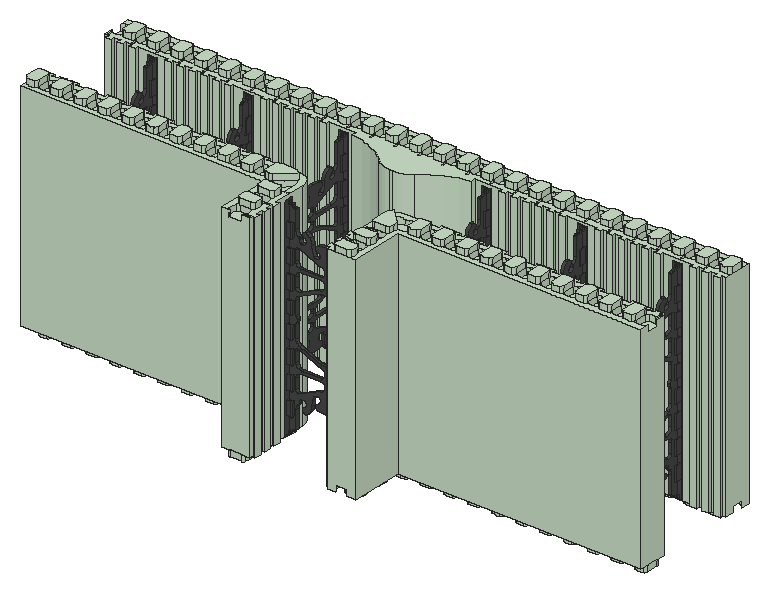
Revit family (continued)
Forms (in)
  Extrusion 96, void
    sketch origin (-9.99998, -0.00002, 0) x (0, -1, 0) y (1, 0, 0)
      loop
        arc (-5.13595, 25.17306) -> (-5.04517, 25.04783) -> (-4.89808, 24.99998) r 0.25
        line (-4.89808, 24.99998) -> (-3.97692, 24.99998)
        arc (-3.97692, 24.99998) -> (-3.82983, 25.04783) -> (-3.73905, 25.17306) r 0.25
        arc (-3.73905, 25.17306) -> (-3.69045, 25.4209) -> (-3.70172, 25.67321) r 1.0625
        arc (-3.70172, 25.67321) -> (-3.68771, 25.72383) -> (-3.64005, 25.7459) r 0.0625
        line (-3.64005, 25.7459) -> (-3.41845, 25.7459) -> (-3.41845, 25.91673) -> (-3.76455, 25.91673)
        arc (-3.76455, 25.91673) -> (-3.78736, 25.92104) -> (-3.80702, 25.93338) r 0.0625
        arc (-3.80702, 25.93338) -> (-3.88568, 25.98274) -> (-3.97692, 25.99998) r 0.25
        line (-3.97692, 25.99998) -> (-4.89808, 25.99998)
        arc (-4.89808, 25.99998) -> (-5.04517, 25.95213) -> (-5.13595, 25.8269) r 0.25
        arc (-5.13595, 25.8269) -> (-5.1875, 25.49998) -> (-5.13595, 25.17306) r 1.0625
    from 0 to 0.5
  Extrusion 97, void
    sketch origin (-7.99998, -0.00002, 0) x (0, -1, 0) y (1, 0, 0)
      loop
        arc (-5.13595, 25.17306) -> (-5.04517, 25.04783) -> (-4.89808, 24.99998) r 0.25
        line (-4.89808, 24.99998) -> (-3.97692, 24.99998)
        arc (-3.97692, 24.99998) -> (-3.82983, 25.04783) -> (-3.73905, 25.17306) r 0.25
        arc (-3.73905, 25.17306) -> (-3.69045, 25.4209) -> (-3.70172, 25.67321) r 1.0625
        arc (-3.70172, 25.67321) -> (-3.68771, 25.72383) -> (-3.64005, 25.7459) r 0.0625
        line (-3.64005, 25.7459) -> (-3.41845, 25.7459) -> (-3.41845, 25.91673) -> (-3.76455, 25.91673)
        arc (-3.76455, 25.91673) -> (-3.78736, 25.92104) -> (-3.80702, 25.93338) r 0.0625
        arc (-3.80702, 25.93338) -> (-3.88568, 25.98274) -> (-3.97692, 25.99998) r 0.25
        line (-3.97692, 25.99998) -> (-4.89808, 25.99998)
        arc (-4.89808, 25.99998) -> (-5.04517, 25.95213) -> (-5.13595, 25.8269) r 0.25
        arc (-5.13595, 25.8269) -> (-5.1875, 25.49998) -> (-5.13595, 25.17306) r 1.0625
    from 0 to 0.5
  Extrusion 98, void
    sketch origin (-5.99998, -0.00002, 0) x (0, -1, 0) y (1, 0, 0)
      loop
        arc (-5.13595, 25.17306) -> (-5.04517, 25.04783) -> (-4.89808, 24.99998) r 0.25
        line (-4.89808, 24.99998) -> (-3.97692, 24.99998)
        arc (-3.97692, 24.99998) -> (-3.82983, 25.04783) -> (-3.73905, 25.17306) r 0.25
        arc (-3.73905, 25.17306) -> (-3.69045, 25.4209) -> (-3.70172, 25.67321) r 1.0625
        arc (-3.70172, 25.67321) -> (-3.68771, 25.72383) -> (-3.64005, 25.7459) r 0.0625
        line (-3.64005, 25.7459) -> (-3.41845, 25.7459) -> (-3.41845, 25.91673) -> (-3.76455, 25.91673)
        arc (-3.76455, 25.91673) -> (-3.78736, 25.92104) -> (-3.80702, 25.93338) r 0.0625
        arc (-3.80702, 25.93338) -> (-3.88568, 25.98274) -> (-3.97692, 25.99998) r 0.25
        line (-3.97692, 25.99998) -> (-4.89808, 25.99998)
        arc (-4.89808, 25.99998) -> (-5.04517, 25.95213) -> (-5.13595, 25.8269) r 0.25
        arc (-5.13595, 25.8269) -> (-5.1875, 25.49998) -> (-5.13595, 25.17306) r 1.0625
    from 0 to 0.5
  Extrusion 99, void
    sketch origin (-3.99998, -0.00002, 0) x (0, -1, 0) y (1, 0, 0)
      loop
        arc (-5.13595, 25.17306) -> (-5.04517, 25.04783) -> (-4.89808, 24.99998) r 0.25
        line (-4.89808, 24.99998) -> (-3.97692, 24.99998)
        arc (-3.97692, 24.99998) -> (-3.82983, 25.04783) -> (-3.73905, 25.17306) r 0.25
        arc (-3.73905, 25.17306) -> (-3.69045, 25.4209) -> (-3.70172, 25.67321) r 1.0625
        arc (-3.70172, 25.67321) -> (-3.68771, 25.72383) -> (-3.64005, 25.7459) r 0.0625
        line (-3.64005, 25.7459) -> (-3.41845, 25.7459) -> (-3.41845, 25.91673) -> (-3.76455, 25.91673)
        arc (-3.76455, 25.91673) -> (-3.78736, 25.92104) -> (-3.80702, 25.93338) r 0.0625
        arc (-3.80702, 25.93338) -> (-3.88568, 25.98274) -> (-3.97692, 25.99998) r 0.25
        line (-3.97692, 25.99998) -> (-4.89808, 25.99998)
        arc (-4.89808, 25.99998) -> (-5.04517, 25.95213) -> (-5.13595, 25.8269) r 0.25
        arc (-5.13595, 25.8269) -> (-5.1875, 25.49998) -> (-5.13595, 25.17306) r 1.0625
    from 0 to 0.5
  Extrusion 100, void
    sketch origin (-1.99998, -0.00002, 0) x (0, -1, 0) y (1, 0, 0)
      loop
        arc (-5.13595, 25.17306) -> (-5.04517, 25.04783) -> (-4.89808, 24.99998) r 0.25
        line (-4.89808, 24.99998) -> (-3.97692, 24.99998)
        arc (-3.97692, 24.99998) -> (-3.82983, 25.04783) -> (-3.73905, 25.17306) r 0.25
        arc (-3.73905, 25.17306) -> (-3.69045, 25.4209) -> (-3.70172, 25.67321) r 1.0625
        arc (-3.70172, 25.67321) -> (-3.68771, 25.72383) -> (-3.64005, 25.7459) r 0.0625
        line (-3.64005, 25.7459) -> (-3.41845, 25.7459) -> (-3.41845, 25.91673) -> (-3.76455, 25.91673)
        arc (-3.76455, 25.91673) -> (-3.78736, 25.92104) -> (-3.80702, 25.93338) r 0.0625
        arc (-3.80702, 25.93338) -> (-3.88568, 25.98274) -> (-3.97692, 25.99998) r 0.25
        line (-3.97692, 25.99998) -> (-4.89808, 25.99998)
        arc (-4.89808, 25.99998) -> (-5.04517, 25.95213) -> (-5.13595, 25.8269) r 0.25
        arc (-5.13595, 25.8269) -> (-5.1875, 25.49998) -> (-5.13595, 25.17306) r 1.0625
    from 0 to 0.5
  Extrusion 101, void
    sketch origin (0.00002, -0.00002, 0) x (0, -1, 0) y (1, 0, 0)
      loop
        arc (-5.13595, 25.17306) -> (-5.04517, 25.04783) -> (-4.89808, 24.99998) r 0.25
        line (-4.89808, 24.99998) -> (-3.97692, 24.99998)
        arc (-3.97692, 24.99998) -> (-3.82983, 25.04783) -> (-3.73905, 25.17306) r 0.25
        arc (-3.73905, 25.17306) -> (-3.69045, 25.4209) -> (-3.70172, 25.67321) r 1.0625
        arc (-3.70172, 25.67321) -> (-3.68771, 25.72383) -> (-3.64005, 25.7459) r 0.0625
        line (-3.64005, 25.7459) -> (-3.41845, 25.7459) -> (-3.41845, 25.91673) -> (-3.76455, 25.91673)
        arc (-3.76455, 25.91673) -> (-3.78736, 25.92104) -> (-3.80702, 25.93338) r 0.0625
        arc (-3.80702, 25.93338) -> (-3.88568, 25.98274) -> (-3.97692, 25.99998) r 0.25
        line (-3.97692, 25.99998) -> (-4.89808, 25.99998)
        arc (-4.89808, 25.99998) -> (-5.04517, 25.95213) -> (-5.13595, 25.8269) r 0.25
        arc (-5.13595, 25.8269) -> (-5.1875, 25.49998) -> (-5.13595, 25.17306) r 1.0625
    from 0 to 0.5
  Extrusion 102, void
    sketch origin (-49.99998, -0.00002, 0) x (0, -1, 0) y (1, 0, 0)
      loop
        arc (-5.13595, 25.17306) -> (-5.04517, 25.04783) -> (-4.89808, 24.99998) r 0.25
        line (-4.89808, 24.99998) -> (-3.97692, 24.99998)
        arc (-3.97692, 24.99998) -> (-3.82983, 25.04783) -> (-3.73905, 25.17306) r 0.25
        arc (-3.73905, 25.17306) -> (-3.69045, 25.4209) -> (-3.70172, 25.67321) r 1.0625
        arc (-3.70172, 25.67321) -> (-3.68771, 25.72383) -> (-3.64005, 25.7459) r 0.0625
        line (-3.64005, 25.7459) -> (-3.41845, 25.7459) -> (-3.41845, 25.91673) -> (-3.76455, 25.91673)
        arc (-3.76455, 25.91673) -> (-3.78736, 25.92104) -> (-3.80702, 25.93338) r 0.0625
        arc (-3.80702, 25.93338) -> (-3.88568, 25.98274) -> (-3.97692, 25.99998) r 0.25
        line (-3.97692, 25.99998) -> (-4.89808, 25.99998)
        arc (-4.89808, 25.99998) -> (-5.04517, 25.95213) -> (-5.13595, 25.8269) r 0.25
        arc (-5.13595, 25.8269) -> (-5.1875, 25.49998) -> (-5.13595, 25.17306) r 1.0625
    from 0 to 0.5
  Extrusion 103, void
    sketch origin (-47.99998, -0.00002, 0) x (0, -1, 0) y (1, 0, 0)
      loop
        arc (-5.13595, 25.17306) -> (-5.04517, 25.04783) -> (-4.89808, 24.99998) r 0.25
        line (-4.89808, 24.99998) -> (-3.97692, 24.99998)
        arc (-3.97692, 24.99998) -> (-3.82983, 25.04783) -> (-3.73905, 25.17306) r 0.25
        arc (-3.73905, 25.17306) -> (-3.69045, 25.4209) -> (-3.70172, 25.67321) r 1.0625
        arc (-3.70172, 25.67321) -> (-3.68771, 25.72383) -> (-3.64005, 25.7459) r 0.0625
        line (-3.64005, 25.7459) -> (-3.41845, 25.7459) -> (-3.41845, 25.91673) -> (-3.76455, 25.91673)
        arc (-3.76455, 25.91673) -> (-3.78736, 25.92104) -> (-3.80702, 25.93338) r 0.0625
        arc (-3.80702, 25.93338) -> (-3.88568, 25.98274) -> (-3.97692, 25.99998) r 0.25
        line (-3.97692, 25.99998) -> (-4.89808, 25.99998)
        arc (-4.89808, 25.99998) -> (-5.04517, 25.95213) -> (-5.13595, 25.8269) r 0.25
        arc (-5.13595, 25.8269) -> (-5.1875, 25.49998) -> (-5.13595, 25.17306) r 1.0625
    from 0 to 0.5
  Extrusion 104, void
    sketch origin (-45.99998, -0.00002, 0) x (0, -1, 0) y (1, 0, 0)
      loop
        arc (-5.13595, 25.17306) -> (-5.04517, 25.04783) -> (-4.89808, 24.99998) r 0.25
        line (-4.89808, 24.99998) -> (-3.97692, 24.99998)
        arc (-3.97692, 24.99998) -> (-3.82983, 25.04783) -> (-3.73905, 25.17306) r 0.25
        arc (-3.73905, 25.17306) -> (-3.69045, 25.4209) -> (-3.70172, 25.67321) r 1.0625
        arc (-3.70172, 25.67321) -> (-3.68771, 25.72383) -> (-3.64005, 25.7459) r 0.0625
        line (-3.64005, 25.7459) -> (-3.41845, 25.7459) -> (-3.41845, 25.91673) -> (-3.76455, 25.91673)
        arc (-3.76455, 25.91673) -> (-3.78736, 25.92104) -> (-3.80702, 25.93338) r 0.0625
        arc (-3.80702, 25.93338) -> (-3.88568, 25.98274) -> (-3.97692, 25.99998) r 0.25
        line (-3.97692, 25.99998) -> (-4.89808, 25.99998)
        arc (-4.89808, 25.99998) -> (-5.04517, 25.95213) -> (-5.13595, 25.8269) r 0.25
        arc (-5.13595, 25.8269) -> (-5.1875, 25.49998) -> (-5.13595, 25.17306) r 1.0625
    from 0 to 0.5
  Extrusion 105, void
    sketch origin (-43.99998, -0.00002, 0) x (0, -1, 0) y (1, 0, 0)
      loop
        arc (-5.13595, 25.17306) -> (-5.04517, 25.04783) -> (-4.89808, 24.99998) r 0.25
        line (-4.89808, 24.99998) -> (-3.97692, 24.99998)
        arc (-3.97692, 24.99998) -> (-3.82983, 25.04783) -> (-3.73905, 25.17306) r 0.25
        arc (-3.73905, 25.17306) -> (-3.69045, 25.4209) -> (-3.70172, 25.67321) r 1.0625
        arc (-3.70172, 25.67321) -> (-3.68771, 25.72383) -> (-3.64005, 25.7459) r 0.0625
        line (-3.64005, 25.7459) -> (-3.41845, 25.7459) -> (-3.41845, 25.91673) -> (-3.76455, 25.91673)
        arc (-3.76455, 25.91673) -> (-3.78736, 25.92104) -> (-3.80702, 25.93338) r 0.0625
        arc (-3.80702, 25.93338) -> (-3.88568, 25.98274) -> (-3.97692, 25.99998) r 0.25
        line (-3.97692, 25.99998) -> (-4.89808, 25.99998)
        arc (-4.89808, 25.99998) -> (-5.04517, 25.95213) -> (-5.13595, 25.8269) r 0.25
        arc (-5.13595, 25.8269) -> (-5.1875, 25.49998) -> (-5.13595, 25.17306) r 1.0625
    from 0 to 0.5
  Extrusion 106, void
    sketch origin (-41.99998, -0.00002, 0) x (0, -1, 0) y (1, 0, 0)
      loop
        arc (-5.13595, 25.17306) -> (-5.04517, 25.04783) -> (-4.89808, 24.99998) r 0.25
        line (-4.89808, 24.99998) -> (-3.97692, 24.99998)
        arc (-3.97692, 24.99998) -> (-3.82983, 25.04783) -> (-3.73905, 25.17306) r 0.25
        arc (-3.73905, 25.17306) -> (-3.69045, 25.4209) -> (-3.70172, 25.67321) r 1.0625
        arc (-3.70172, 25.67321) -> (-3.68771, 25.72383) -> (-3.64005, 25.7459) r 0.0625
        line (-3.64005, 25.7459) -> (-3.41845, 25.7459) -> (-3.41845, 25.91673) -> (-3.76455, 25.91673)
        arc (-3.76455, 25.91673) -> (-3.78736, 25.92104) -> (-3.80702, 25.93338) r 0.0625
        arc (-3.80702, 25.93338) -> (-3.88568, 25.98274) -> (-3.97692, 25.99998) r 0.25
        line (-3.97692, 25.99998) -> (-4.89808, 25.99998)
        arc (-4.89808, 25.99998) -> (-5.04517, 25.95213) -> (-5.13595, 25.8269) r 0.25
        arc (-5.13595, 25.8269) -> (-5.1875, 25.49998) -> (-5.13595, 25.17306) r 1.0625
    from 0 to 0.5
  Extrusion 107, void
    sketch origin (-39.99998, -0.00002, 0) x (0, -1, 0) y (1, 0, 0)
      loop
        arc (-5.13595, 25.17306) -> (-5.04517, 25.04783) -> (-4.89808, 24.99998) r 0.25
        line (-4.89808, 24.99998) -> (-3.97692, 24.99998)
        arc (-3.97692, 24.99998) -> (-3.82983, 25.04783) -> (-3.73905, 25.17306) r 0.25
        arc (-3.73905, 25.17306) -> (-3.69045, 25.4209) -> (-3.70172, 25.67321) r 1.0625
        arc (-3.70172, 25.67321) -> (-3.68771, 25.72383) -> (-3.64005, 25.7459) r 0.0625
        line (-3.64005, 25.7459) -> (-3.41845, 25.7459) -> (-3.41845, 25.91673) -> (-3.76455, 25.91673)
        arc (-3.76455, 25.91673) -> (-3.78736, 25.92104) -> (-3.80702, 25.93338) r 0.0625
        arc (-3.80702, 25.93338) -> (-3.88568, 25.98274) -> (-3.97692, 25.99998) r 0.25
        line (-3.97692, 25.99998) -> (-4.89808, 25.99998)
        arc (-4.89808, 25.99998) -> (-5.04517, 25.95213) -> (-5.13595, 25.8269) r 0.25
        arc (-5.13595, 25.8269) -> (-5.1875, 25.49998) -> (-5.13595, 25.17306) r 1.0625
    from 0 to 0.5
  Extrusion 108, void
    sketch origin (-37.99998, -0.00002, 0) x (0, -1, 0) y (1, 0, 0)
      loop
        arc (-5.13595, 25.17306) -> (-5.04517, 25.04783) -> (-4.89808, 24.99998) r 0.25
        line (-4.89808, 24.99998) -> (-3.97692, 24.99998)
        arc (-3.97692, 24.99998) -> (-3.82983, 25.04783) -> (-3.73905, 25.17306) r 0.25
        arc (-3.73905, 25.17306) -> (-3.69045, 25.4209) -> (-3.70172, 25.67321) r 1.0625
        arc (-3.70172, 25.67321) -> (-3.68771, 25.72383) -> (-3.64005, 25.7459) r 0.0625
        line (-3.64005, 25.7459) -> (-3.41845, 25.7459) -> (-3.41845, 25.91673) -> (-3.76455, 25.91673)
        arc (-3.76455, 25.91673) -> (-3.78736, 25.92104) -> (-3.80702, 25.93338) r 0.0625
        arc (-3.80702, 25.93338) -> (-3.88568, 25.98274) -> (-3.97692, 25.99998) r 0.25
        line (-3.97692, 25.99998) -> (-4.89808, 25.99998)
        arc (-4.89808, 25.99998) -> (-5.04517, 25.95213) -> (-5.13595, 25.8269) r 0.25
        arc (-5.13595, 25.8269) -> (-5.1875, 25.49998) -> (-5.13595, 25.17306) r 1.0625
    from 0 to 0.5
  Extrusion 109, void
    sketch origin (-35.99998, -0.00002, 0) x (0, -1, 0) y (1, 0, 0)
      loop
        arc (-5.13595, 25.17306) -> (-5.04517, 25.04783) -> (-4.89808, 24.99998) r 0.25
        line (-4.89808, 24.99998) -> (-3.97692, 24.99998)
        arc (-3.97692, 24.99998) -> (-3.82983, 25.04783) -> (-3.73905, 25.17306) r 0.25
        arc (-3.73905, 25.17306) -> (-3.69045, 25.4209) -> (-3.70172, 25.67321) r 1.0625
        arc (-3.70172, 25.67321) -> (-3.68771, 25.72383) -> (-3.64005, 25.7459) r 0.0625
        line (-3.64005, 25.7459) -> (-3.41845, 25.7459) -> (-3.41845, 25.91673) -> (-3.76455, 25.91673)
        arc (-3.76455, 25.91673) -> (-3.78736, 25.92104) -> (-3.80702, 25.93338) r 0.0625
        arc (-3.80702, 25.93338) -> (-3.88568, 25.98274) -> (-3.97692, 25.99998) r 0.25
        line (-3.97692, 25.99998) -> (-4.89808, 25.99998)
        arc (-4.89808, 25.99998) -> (-5.04517, 25.95213) -> (-5.13595, 25.8269) r 0.25
        arc (-5.13595, 25.8269) -> (-5.1875, 25.49998) -> (-5.13595, 25.17306) r 1.0625
    from 0 to 0.5
Cuts and joins
  Extrusion 2, Extrusion 3, Extrusion 4, Extrusion 5, Extrusion 6, Extrusion 7, Extrusion 8, Extrusion 9, Extrusion 10, Extrusion 11, Extrusion 12, Extrusion 13, Extrusion 14, Extrusion 15, Extrusion 16, Extrusion 17, Extrusion 18, Extrusion 19, Extrusion 20, Extrusion 21, Extrusion 22, Extrusion 23, Extrusion 24, Extrusion 25, Extrusion 26, Extrusion 27, Extrusion 28, Extrusion 29, Extrusion 30, Extrusion 31, Extrusion 32, Extrusion 33, Extrusion 34, Extrusion 35, Extrusion 36, Extrusion 37, Extrusion 38, Extrusion 39, Extrusion 40, Extrusion 41, Extrusion 46, Extrusion 47, Extrusion 48, Extrusion 49, Extrusion 50, Extrusion 51, Extrusion 52, Extrusion 53, Extrusion 54, Extrusion 55, Extrusion 56, Extrusion 57, Extrusion 58, Extrusion 59, Extrusion 60, Extrusion 61, Extrusion 62, Extrusion 63, Extrusion 64, Extrusion 65, Extrusion 66, Extrusion 67, Extrusion 68, Extrusion 69, Extrusion 70, Extrusion 71, Extrusion 72, Extrusion 73, Extrusion 74, Extrusion 75, Extrusion 76, Extrusion 77, Extrusion 78, Extrusion 79, Extrusion 80, Extrusion 81, Extrusion 82, Extrusion 83, Extrusion 84, Extrusion 85, Extrusion 86, Extrusion 87, Extrusion 88, Extrusion 89, Extrusion 90, Extrusion 91, Extrusion 92, Extrusion 93, Extrusion 94, Extrusion 95, Extrusion 96, Extrusion 97, Extrusion 98, Extrusion 99, Extrusion 100, Extrusion 101, Extrusion 102, Extrusion 103, Extrusion 104, Extrusion 105, Extrusion 106, Extrusion 107, Extrusion 108, Extrusion 109 cuts Extrusion 1
  Extrusion 54 cuts Extrusion 43
  Extrusion 86 cuts Extrusion 45
Lines and regions (in)
  model lines
    curve 1: line (0, 5.62754, 18) -> (0, 5.62754, 0)
    curve 2: line (-2, 5.62754, 0) -> (-2, 5.62754, 18)
Dimensions and locks (in)
  locked: plane 8 to level at 18
  plane 8 to level = 1' - 6"
  locked: plane 5 to plane 4 at 6
  locked: plane 7 to plane 6 at 6
  aligned: plane 8 to Extrusion 1
  aligned and locked: Extrusion 1 to level
  aligned: Extrusion 1 to plane 8
  aligned and locked: plane 2 to level
  aligned: cut or joined group 1 (Extrusion 1, Extrusion 2, Extrusion 3, Extrusion 4, Extrusion 5, Extrusion 6, Extrusion 7, Extrusion 8, Extrusion 9, Extrusion 10, Extrusion 11, Extrusion 12, Extrusion 13, Extrusion 14, Extrusion 15, Extrusion 16, Extrusion 17, Extrusion 18, Extrusion 19, Extrusion 20, Extrusion 21, Extrusion 22, Extrusion 23, Extrusion 24, Extrusion 25, Extrusion 26, Extrusion 27, Extrusion 28, Extrusion 29, Extrusion 30, Extrusion 31, Extrusion 32, Extrusion 33, Extrusion 34, Extrusion 35, Extrusion 36, Extrusion 37, Extrusion 38, Extrusion 39, Extrusion 40, Extrusion 41, Extrusion 46, Extrusion 47, Extrusion 48, Extrusion 49, Extrusion 50, Extrusion 51, Extrusion 52, Extrusion 53, Extrusion 54, Extrusion 55, Extrusion 56, Extrusion 57, Extrusion 58, Extrusion 59, Extrusion 60, Extrusion 61, Extrusion 62, Extrusion 63, Extrusion 64, Extrusion 65, Extrusion 66, Extrusion 67, Extrusion 68, Extrusion 69, Extrusion 70, Extrusion 71, Extrusion 72, Extrusion 73, Extrusion 74, Extrusion 75, Extrusion 76, Extrusion 77, Extrusion 78, Extrusion 79, Extrusion 80, Extrusion 81, Extrusion 82, Extrusion 83, Extrusion 84, Extrusion 85, Extrusion 86, Extrusion 87, Extrusion 88, Extrusion 89, Extrusion 90, Extrusion 91, Extrusion 92, Extrusion 93, Extrusion 94, Extrusion 95, Extrusion 96, Extrusion 97, Extrusion 98, Extrusion 99, Extrusion 100, Extrusion 101, Extrusion 102, Extrusion 103, Extrusion 104, Extrusion 105, Extrusion 106, Extrusion 107, Extrusion 108, Extrusion 109) to nested 40
  aligned: nested 42 to cut or joined group 1
  aligned: nested 43 to cut or joined group 1
  aligned: cut or joined group 1 to nested 44
  aligned and locked: cut or joined group 1 to nested 113
  aligned and locked: cut or joined group 1 to nested 114
  aligned and locked: nested 43 to nested 44
  aligned and locked: nested 115 to nested 43
  aligned and locked: nested 116 to cut or joined group 1
  aligned and locked: nested 118 to cut or joined group 1
  aligned and locked: cut or joined group 1 to nested 117
  aligned and locked: nested 119 to cut or joined group 1
  aligned and locked: nested 120 to cut or joined group 1
  aligned and locked: nested 121 to cut or joined group 1
Nested families (in)
  nested 1: "Interlock Tooth" at (0, -9.99998, 0) x (0, 1, 0) z (0, 0, 1), type "Interlock Tooth"
  nested 2: "Interlock Tooth" at (0, -7.99998, 0) x (0, 1, 0) z (0, 0, 1), type "Interlock Tooth"
  nested 3: "Interlock Tooth" at (0, -8.99998, 0) x (0, 1, 0) z (0, 0, 1), type "Interlock Tooth"
  nested 4: "Interlock Tooth" at (0, -6.99998, 0) x (0, 1, 0) z (0, 0, 1), type "Interlock Tooth"
  nested 5: "Interlock Tooth" at (-10, 0.00002, 0), type "Interlock Tooth"
  nested 6: "Interlock Tooth" at (-8, 0.00002, 0), type "Interlock Tooth"
  nested 7: "Interlock Tooth" at (6, 0.00002, 0), type "Interlock Tooth"
  nested 8: "Interlock Tooth" at (8, 0.00002, 0), type "Interlock Tooth"
  nested 9: "Interlock Tooth" at (-9, 0.00002, -18.5), type "Interlock Tooth"
  nested 10: "Interlock Tooth" at (-7, 0.00002, -18.5), type "Interlock Tooth"
  nested 11: "Interlock Tooth" at (9, 0.00002, -18.5), type "Interlock Tooth"
  nested 12: "Interlock Tooth" at (7, 0.00002, -18.5), type "Interlock Tooth"
  nested 13: "Interlock Tooth" at (0, -8.99998, -18.5) x (0, -1, 0) z (0, 0, 1), type "Interlock Tooth"
  nested 14: "Interlock Tooth" at (0, -6.99998, -18.5) x (0, -1, 0) z (0, 0, 1), type "Interlock Tooth"
  nested 15: "Interlock Tooth" at (0, -8.99998, -18.5) x (0, 1, 0) z (0, 0, 1), type "Interlock Tooth"
  nested 16: "Interlock Tooth" at (0, -6.99998, -18.5) x (0, 1, 0) z (0, 0, 1), type "Interlock Tooth"
  nested 17: "Interlock Tooth" at (-8, -0.00002, 0) x (-1, 0, 0) z (0, 0, 1), type "Interlock Tooth"
  nested 18: "Interlock Tooth" at (-9, -0.00002, -18.5) x (-1, 0, 0) z (0, 0, 1), type "Interlock Tooth"
  nested 19: "Interlock Tooth" at (-6, -0.00002, 0) x (-1, 0, 0) z (0, 0, 1), type "Interlock Tooth"
  nested 20: "Interlock Tooth" at (-7, -0.00002, -18.5) x (-1, 0, 0) z (0, 0, 1), type "Interlock Tooth"
  nested 21: "Interlock Tooth" at (-4, -0.00002, 0) x (-1, 0, 0) z (0, 0, 1), type "Interlock Tooth"
  nested 22: "Interlock Tooth" at (-5, -0.00002, -18.5) x (-1, 0, 0) z (0, 0, 1), type "Interlock Tooth"
  nested 23: "Interlock Tooth" at (-2, -0.00002, 0) x (-1, 0, 0) z (0, 0, 1), type "Interlock Tooth"
  nested 24: "Interlock Tooth" at (-3, -0.00002, -18.5) x (-1, 0, 0) z (0, 0, 1), type "Interlock Tooth"
  nested 25: "Interlock Tooth" at (0, -0.00002, 0) x (-1, 0, 0) z (0, 0, 1), type "Interlock Tooth"
  nested 26: "Interlock Tooth" at (-1, -0.00002, -18.5) x (-1, 0, 0) z (0, 0, 1), type "Interlock Tooth"
  nested 27: "Interlock Tooth" at (2, -0.00002, 0) x (-1, 0, 0) z (0, 0, 1), type "Interlock Tooth"
  nested 28: "Interlock Tooth" at (1, -0.00002, -18.5) x (-1, 0, 0) z (0, 0, 1), type "Interlock Tooth"
  nested 29: "Interlock Tooth" at (4, -0.00002, 0) x (-1, 0, 0) z (0, 0, 1), type "Interlock Tooth"
  nested 30: "Interlock Tooth" at (3, -0.00002, -18.5) x (-1, 0, 0) z (0, 0, 1), type "Interlock Tooth"
  nested 31: "Interlock Tooth" at (6, -0.00002, 0) x (-1, 0, 0) z (0, 0, 1), type "Interlock Tooth"
  nested 32: "Interlock Tooth" at (5, -0.00002, -18.5) x (-1, 0, 0) z (0, 0, 1), type "Interlock Tooth"
  nested 33: "Interlock Tooth" at (8, -0.00002, 0) x (-1, 0, 0) z (0, 0, 1), type "Interlock Tooth"
  nested 34: "Interlock Tooth" at (7, -0.00002, -18.5) x (-1, 0, 0) z (0, 0, 1), type "Interlock Tooth"
  nested 35: "Interlock Tooth" at (10, -0.00002, 0) x (-1, 0, 0) z (0, 0, 1), type "Interlock Tooth"
  nested 36: "Interlock Tooth" at (9, -0.00002, -18.5) x (-1, 0, 0) z (0, 0, 1), type "Interlock Tooth"
  nested 37: "6 inch Insert Web" at (-6, 0.00002, 0), type "6 inch Insert Web"
  nested 38: "6 inch Insert Web" at (6, 0.00002, 0), type "6 inch Insert Web"
  nested 39: "6 inch Insert Web" at (0, -6, 0) x (0, 1, 0) z (0, 0, 1), type "6 inch Insert Web"
  nested 40: "NUDURA Diamond Pattern Missing Two Lines" at (-11.25, -9.99998, 0) x (0, 1, 0) z (0, 0, 1), type "NUDURA Diamond Pattern minus Two lines"
  nested 41: "NUDURA Diamond Pattern Missing Two Lines" at (-10, 0, 0), type "NUDURA Diamond Pattern minus Two lines"
  nested 42: "NUDURA Diamond Pattern Missing Two Lines" at (0, -9.99998, 0) x (0, 1, 0) z (0, 0, 1), type "NUDURA Diamond Pattern minus Two lines"
  nested 43: "NUDURA Logo Diamond" at (17.99744, 5.62754, 0) x (-1, 0, 0) z (0, 0, 1), type "NUDURA Logo Diamond"
  nested 44: "NUDURA Logo Diamond" at (5.99744, 5.62754, 0) x (-1, 0, 0) z (0, 0, 1), type "NUDURA Logo Diamond"
  nested 45: "Interlock Tooth" at (-16, -0.00002, 0) x (-1, 0, 0) z (0, 0, 1), type "Interlock Tooth"
  nested 46: "Interlock Tooth" at (-14, -0.00002, 0) x (-1, 0, 0) z (0, 0, 1), type "Interlock Tooth"
  nested 47: "Interlock Tooth" at (-12, -0.00002, 0) x (-1, 0, 0) z (0, 0, 1), type "Interlock Tooth"
  nested 48: "Interlock Tooth" at (-10, -0.00002, 0) x (-1, 0, 0) z (0, 0, 1), type "Interlock Tooth"
  nested 49: "Interlock Tooth" at (-18, -0.00002, 0) x (-1, 0, 0) z (0, 0, 1), type "Interlock Tooth"
  nested 50: "Interlock Tooth" at (-24, -0.00002, 0) x (-1, 0, 0) z (0, 0, 1), type "Interlock Tooth"
  nested 51: "Interlock Tooth" at (-22, -0.00002, 0) x (-1, 0, 0) z (0, 0, 1), type "Interlock Tooth"
  nested 52: "Interlock Tooth" at (-20, -0.00002, 0) x (-1, 0, 0) z (0, 0, 1), type "Interlock Tooth"
  nested 53: "Interlock Tooth" at (-14, 0.00002, 0), type "Interlock Tooth"
  nested 54: "Interlock Tooth" at (-12, 0.00002, 0), type "Interlock Tooth"
  nested 55: "Interlock Tooth" at (-18, 0.00002, 0), type "Interlock Tooth"
  nested 56: "Interlock Tooth" at (-16, 0.00002, 0), type "Interlock Tooth"
  nested 57: "Interlock Tooth" at (-22, 0.00002, 0), type "Interlock Tooth"
  nested 58: "Interlock Tooth" at (-20, 0.00002, 0), type "Interlock Tooth"
  nested 59: "Interlock Tooth" at (-26, 0.00002, 0), type "Interlock Tooth"
  nested 60: "Interlock Tooth" at (-24, 0.00002, 0), type "Interlock Tooth"
  nested 61: "Interlock Tooth" at (10, 0.00002, 0), type "Interlock Tooth"
  nested 62: "Interlock Tooth" at (12, 0.00002, 0), type "Interlock Tooth"
  nested 63: "Interlock Tooth" at (14, 0.00002, 0), type "Interlock Tooth"
  nested 64: "Interlock Tooth" at (16, 0.00002, 0), type "Interlock Tooth"
  nested 65: "Interlock Tooth" at (18, 0.00002, 0), type "Interlock Tooth"
  nested 66: "Interlock Tooth" at (20, 0.00002, 0), type "Interlock Tooth"
  nested 67: "Interlock Tooth" at (22, 0.00002, 0), type "Interlock Tooth"
  nested 68: "Interlock Tooth" at (24, 0.00002, 0), type "Interlock Tooth"
  nested 69: "Interlock Tooth" at (14, -0.00002, 0) x (-1, 0, 0) z (0, 0, 1), type "Interlock Tooth"
  nested 70: "Interlock Tooth" at (16, -0.00002, 0) x (-1, 0, 0) z (0, 0, 1), type "Interlock Tooth"
  nested 71: "Interlock Tooth" at (18, -0.00002, 0) x (-1, 0, 0) z (0, 0, 1), type "Interlock Tooth"
  nested 72: "Interlock Tooth" at (20, -0.00002, 0) x (-1, 0, 0) z (0, 0, 1), type "Interlock Tooth"
  nested 73: "Interlock Tooth" at (22, -0.00002, 0) x (-1, 0, 0) z (0, 0, 1), type "Interlock Tooth"
  nested 74: "Interlock Tooth" at (24, -0.00002, 0) x (-1, 0, 0) z (0, 0, 1), type "Interlock Tooth"
  nested 75: "Interlock Tooth" at (26, -0.00002, 0) x (-1, 0, 0) z (0, 0, 1), type "Interlock Tooth"
  nested 76: "Interlock Tooth" at (12, -0.00002, 0) x (-1, 0, 0) z (0, 0, 1), type "Interlock Tooth"
  nested 77: "Interlock Tooth" at (-13, 0.00002, -18.5), type "Interlock Tooth"
  nested 78: "Interlock Tooth" at (-11, 0.00002, -18.5), type "Interlock Tooth"
  nested 79: "Interlock Tooth" at (-17, 0.00002, -18.5), type "Interlock Tooth"
  nested 80: "Interlock Tooth" at (-15, 0.00002, -18.5), type "Interlock Tooth"
  nested 81: "Interlock Tooth" at (-21, 0.00002, -18.5), type "Interlock Tooth"
  nested 82: "Interlock Tooth" at (-19, 0.00002, -18.5), type "Interlock Tooth"
  nested 83: "Interlock Tooth" at (-25, 0.00002, -18.5), type "Interlock Tooth"
  nested 84: "Interlock Tooth" at (-23, 0.00002, -18.5), type "Interlock Tooth"
  nested 85: "Interlock Tooth" at (13, 0.00002, -18.5), type "Interlock Tooth"
  nested 86: "Interlock Tooth" at (11, 0.00002, -18.5), type "Interlock Tooth"
  nested 87: "Interlock Tooth" at (17, 0.00002, -18.5), type "Interlock Tooth"
  nested 88: "Interlock Tooth" at (15, 0.00002, -18.5), type "Interlock Tooth"
  nested 89: "Interlock Tooth" at (21, 0.00002, -18.5), type "Interlock Tooth"
  nested 90: "Interlock Tooth" at (19, 0.00002, -18.5), type "Interlock Tooth"
  nested 91: "Interlock Tooth" at (25, 0.00002, -18.5), type "Interlock Tooth"
  nested 92: "Interlock Tooth" at (23, 0.00002, -18.5), type "Interlock Tooth"
  nested 93: "Interlock Tooth" at (11, -0.00002, -18.5) x (-1, 0, 0) z (0, 0, 1), type "Interlock Tooth"
  nested 94: "Interlock Tooth" at (13, -0.00002, -18.5) x (-1, 0, 0) z (0, 0, 1), type "Interlock Tooth"
  nested 95: "Interlock Tooth" at (15, -0.00002, -18.5) x (-1, 0, 0) z (0, 0, 1), type "Interlock Tooth"
  nested 96: "Interlock Tooth" at (17, -0.00002, -18.5) x (-1, 0, 0) z (0, 0, 1), type "Interlock Tooth"
  nested 97: "Interlock Tooth" at (19, -0.00002, -18.5) x (-1, 0, 0) z (0, 0, 1), type "Interlock Tooth"
  nested 98: "Interlock Tooth" at (21, -0.00002, -18.5) x (-1, 0, 0) z (0, 0, 1), type "Interlock Tooth"
  nested 99: "Interlock Tooth" at (23, -0.00002, -18.5) x (-1, 0, 0) z (0, 0, 1), type "Interlock Tooth"
  nested 100: "Interlock Tooth" at (25, -0.00002, -18.5) x (-1, 0, 0) z (0, 0, 1), type "Interlock Tooth"
  nested 101: "Interlock Tooth" at (-25, -0.00002, -18.5) x (-1, 0, 0) z (0, 0, 1), type "Interlock Tooth"
  nested 102: "Interlock Tooth" at (-23, -0.00002, -18.5) x (-1, 0, 0) z (0, 0, 1), type "Interlock Tooth"
  nested 103: "Interlock Tooth" at (-21, -0.00002, -18.5) x (-1, 0, 0) z (0, 0, 1), type "Interlock Tooth"
  nested 104: "Interlock Tooth" at (-19, -0.00002, -18.5) x (-1, 0, 0) z (0, 0, 1), type "Interlock Tooth"
  nested 105: "Interlock Tooth" at (-17, -0.00002, -18.5) x (-1, 0, 0) z (0, 0, 1), type "Interlock Tooth"
  nested 106: "Interlock Tooth" at (-15, -0.00002, -18.5) x (-1, 0, 0) z (0, 0, 1), type "Interlock Tooth"
  nested 107: "Interlock Tooth" at (-13, -0.00002, -18.5) x (-1, 0, 0) z (0, 0, 1), type "Interlock Tooth"
  nested 108: "Interlock Tooth" at (-11, -0.00002, -18.5) x (-1, 0, 0) z (0, 0, 1), type "Interlock Tooth"
  nested 109: "6 inch Insert Web" at (-14, 0.00002, 0), type "6 inch Insert Web"
  nested 110: "6 inch Insert Web" at (-22, 0.00002, 0), type "6 inch Insert Web"
  nested 111: "6 inch Insert Web" at (14, 0.00002, 0), type "6 inch Insert Web"
  nested 112: "6 inch Insert Web" at (22, 0.00002, 0), type "6 inch Insert Web"
  nested 113: "NUDURA Diamond Pattern" at (-26, 11.25254, 0), type "NUDURA Diamond Pattern"
  nested 114: "NUDURA Diamond Pattern" at (-18, 11.25254, 0), type "NUDURA Diamond Pattern"
  nested 115: "NUDURA Diamond Pattern" at (18, 0.00254, 0) x (-1, 0, 0) z (0, 0, 1), type "NUDURA Diamond Pattern"
  nested 116: "NUDURA Diamond Pattern" at (26, 0.00254, 0) x (-1, 0, 0) z (0, 0, 1), type "NUDURA Diamond Pattern"
  nested 117: "NUDURA Logo Diamond" at (10.00256, -5.62244, 0), type "NUDURA Logo Diamond"
  nested 118: "NUDURA Logo Diamond" at (-33.99744, -5.62244, 0), type "NUDURA Logo Diamond"
  nested 119: "NUDURA Diamond Pattern" at (-18, 0.00256, 0), type "NUDURA Diamond Pattern"
  nested 120: "NUDURA Diamond Pattern" at (10, 0.00256, 0), type "NUDURA Diamond Pattern"
  nested 121: "NUDURA Diamond Pattern Missing Left Line" at (2, 0.00256, 0), type "NUDURA Diamond Pattern missing left line"
Definition of nested family "Interlock Tooth"
  Reference planes (in)
    plane 1 "Center (Front/Back)": y = 0
    plane 2: z = 0
    plane 3 "Center (Left/Right)": x = 0
    plane 4: z = 18
    plane 5: z = 18.5
    plane 6: z = -0.5
  Forms (in)
    Extrusion 1, solid, material "NUDURA Expanded Polystyrene Foam Insulation"
      sketch origin (0, -8.875, 0) x (1, 0, 0) y (0, 1, 0)
        loop
          arc (0, 3.97692) -> (0.04785, 3.82983) -> (0.17308, 3.73905) r 0.25
          arc (0.17308, 3.73905) -> (0.5, 3.6875) -> (0.82692, 3.73905) r 1.0625
          arc (0.82692, 3.73905) -> (0.95215, 3.82983) -> (1, 3.97692) r 0.25
          line (1, 3.97692) -> (1, 4.89808)
          arc (1, 4.89808) -> (0.95215, 5.04517) -> (0.82692, 5.13595) r 0.25
          arc (0.82692, 5.13595) -> (0.5, 5.1875) -> (0.17308, 5.13595) r 1.0625
          arc (0.17308, 5.13595) -> (0.04785, 5.04517) -> (0, 4.89808) r 0.25
          line (0, 4.89808) -> (0, 3.97692)
      from 18 to 18.5
  Dimensions and locks (in)
    locked: plane 4 to level at 18
    locked: plane 4 to plane 5 at 0.5
    locked: plane 6 to level at 0.5
Definition of nested family "6 inch Insert Web"
  Reference planes (in)
    plane 1 "Center (Front/Back)": y = 0
    plane 2: z = 0
    plane 3 "Center (Left/Right)": x = 0
  Forms (in)
    Extrusion 1, solid, material "High Density Polystyrene"
      sketch origin (0, 0, 0) x (0, 1, 0) y (0, 0, 1)
        loop
          line (3.25, 0) -> (3.25, 17.74583)
          arc (3.25, 17.74583) -> (3.22112, 17.72608) -> (3.21, 17.69292) r 0.055
          line (3.21, 17.69292) -> (3.21, 0.05292)
          arc (3.21, 0.05292) -> (3.22112, 0.01975) -> (3.25, 0) r 0.055
        loop
          arc (-3.25, 0) -> (-3.22112, 0.01975) -> (-3.21, 0.05292) r 0.055
          line (-3.21, 0.05292) -> (-3.21, 17.69292)
          arc (-3.21, 17.69292) -> (-3.22112, 17.72608) -> (-3.25, 17.74583) r 0.055
          line (-3.25, 17.74583) -> (-3.25, 0)
      from 0.36328 to -0.36328
    Extrusion 2, solid, material "Polypropylene"
      sketch origin (0, 0, 0) x (0, 1, 0) y (0, 0, 1)
        loop
          arc (3.18889, 17.40785) -> (3.20374, 17.40241) -> (3.21, 17.38789) r 0.02
          line (3.21, 17.38789) -> (3.21, 17.63668)
          arc (3.21, 17.63668) -> (3.20585, 17.62147) -> (3.19457, 17.61045) r 0.03
          line (3.19457, 17.61045) -> (3.12543, 17.57204)
          arc (3.12543, 17.57204) -> (3.11414, 17.56103) -> (3.11, 17.54582) r 0.03
          line (3.11, 17.54582) -> (3.11, 17.42461)
          arc (3.11, 17.42461) -> (3.11625, 17.41008) -> (3.13111, 17.40464) r 0.02
          line (3.13111, 17.40464) -> (3.18889, 17.40785)
        loop
          line (-3.12543, 17.57204) -> (-3.19457, 17.61045)
          arc (-3.19457, 17.61045) -> (-3.20585, 17.62147) -> (-3.21, 17.63668) r 0.03
          line (-3.21, 17.63668) -> (-3.21, 17.38789)
          arc (-3.21, 17.38789) -> (-3.20374, 17.40241) -> (-3.18889, 17.40785) r 0.02
          line (-3.18889, 17.40785) -> (-3.13111, 17.40464)
          arc (-3.13111, 17.40464) -> (-3.11625, 17.41008) -> (-3.11, 17.42461) r 0.02
          line (-3.11, 17.42461) -> (-3.11, 17.54582)
          arc (-3.11, 17.54582) -> (-3.11414, 17.56103) -> (-3.12543, 17.57204) r 0.03
        loop
          line (3.18889, 0.33798) -> (3.13111, 0.34119)
          arc (3.13111, 0.34119) -> (3.11625, 0.33575) -> (3.11, 0.32122) r 0.02
          line (3.11, 0.32122) -> (3.11, 0.20001)
          arc (3.11, 0.20001) -> (3.11414, 0.1848) -> (3.12543, 0.17379) r 0.03
          line (3.12543, 0.17379) -> (3.19457, 0.13538)
          arc (3.19457, 0.13538) -> (3.20585, 0.12437) -> (3.21, 0.10915) r 0.03
          line (3.21, 0.10915) -> (3.21, 0.35795)
          arc (3.21, 0.35795) -> (3.20374, 0.34342) -> (3.18889, 0.33798) r 0.02
        loop
          arc (-3.12543, 0.17379) -> (-3.11414, 0.1848) -> (-3.11, 0.20001) r 0.03
          line (-3.11, 0.20001) -> (-3.11, 0.32122)
          arc (-3.11, 0.32122) -> (-3.11625, 0.33575) -> (-3.13111, 0.34119) r 0.02
          line (-3.13111, 0.34119) -> (-3.18889, 0.33798)
          arc (-3.18889, 0.33798) -> (-3.20374, 0.34342) -> (-3.21, 0.35795) r 0.02
          line (-3.21, 0.35795) -> (-3.21, 0.10915)
          arc (-3.21, 0.10915) -> (-3.20585, 0.12437) -> (-3.19457, 0.13538) r 0.03
          line (-3.19457, 0.13538) -> (-3.12543, 0.17379)
        loop
          line (3, 17.20772) -> (2.925, 17.43772)
          arc (2.925, 17.43772) -> (2.875, 17.46772) -> (2.825, 17.43772) r 0.05667
          line (2.825, 17.43772) -> (2.77609, 17.28772) -> (2.64893, 17.28772)
          arc (2.64893, 17.28772) -> (2.61433, 17.27339) -> (2.6, 17.2388) r 0.04893
          line (2.6, 17.2388) -> (2.6, 17.20772) -> (2.5, 17.20772) -> (2.5, 15.69241)
          arc (2.5, 15.69241) -> (2.43087, 15.42546) -> (2.24086, 15.22561) r 0.55
          arc (2.24086, 15.22561) -> (2.19232, 15.16934) -> (2.1843, 15.09547) r 0.125
          arc (2.1843, 15.09547) -> (1.73923, 14.76887) -> (1.77171, 15.31996) r 0.305
          arc (1.77171, 15.31996) -> (1.89426, 15.60593) -> (1.60829, 15.72848) r 0.22
          arc (1.60829, 15.72848) -> (1.25428, 15.43329) -> (1.14171, 14.98632) r 0.745
          arc (1.14171, 14.98632) -> (1.09808, 14.57137) -> (0.96932, 14.1745) r 2
          arc (0.96932, 14.1745) -> (0.47025, 14.17077) -> (0.63581, 14.64159) r 0.305
          arc (0.63581, 14.64159) -> (0.81067, 14.86591) -> (0.64859, 15.09964) r 0.24
          arc (0.64859, 15.09964) -> (0.32877, 15.18052) -> (0, 15.20772) r 2
          arc (0, 15.20772) -> (-0.32877, 15.18052) -> (-0.64859, 15.09964) r 2
          arc (-0.64859, 15.09964) -> (-0.81067, 14.86591) -> (-0.63581, 14.64159) r 0.24
          arc (-0.63581, 14.64159) -> (-0.47025, 14.17077) -> (-0.96932, 14.1745) r 0.305
          arc (-0.96932, 14.1745) -> (-1.09808, 14.57137) -> (-1.14171, 14.98632) r 2
          arc (-1.14171, 14.98632) -> (-1.25428, 15.43329) -> (-1.60829, 15.72848) r 0.745
          arc (-1.60829, 15.72848) -> (-1.89426, 15.60593) -> (-1.77171, 15.31996) r 0.22
          arc (-1.77171, 15.31996) -> (-1.73923, 14.76887) -> (-2.1843, 15.09547) r 0.305
          arc (-2.1843, 15.09547) -> (-2.19232, 15.16934) -> (-2.24086, 15.22561) r 0.125
          arc (-2.24086, 15.22561) -> (-2.43087, 15.42546) -> (-2.5, 15.69241) r 0.55
          line (-2.5, 15.69241) -> (-2.5, 17.20772) -> (-2.6, 17.20772) -> (-2.6, 17.2388)
          arc (-2.6, 17.2388) -> (-2.61433, 17.27339) -> (-2.64893, 17.28772) r 0.04893
          line (-2.64893, 17.28772) -> (-2.77609, 17.28772) -> (-2.825, 17.43772)
          arc (-2.825, 17.43772) -> (-2.875, 17.46772) -> (-2.925, 17.43772) r 0.05667
          line (-2.925, 17.43772) -> (-3, 17.20772) -> (-3, 0.66519) -> (-2.925, 0.43519)
          arc (-2.925, 0.43519) -> (-2.875, 0.40519) -> (-2.825, 0.43519) r 0.05667
          line (-2.825, 0.43519) -> (-2.77609, 0.58519) -> (-2.64893, 0.58519)
          arc (-2.64893, 0.58519) -> (-2.61433, 0.59952) -> (-2.6, 0.63412) r 0.04893
          line (-2.6, 0.63412) -> (-2.6, 0.66519) -> (-2.5, 0.66519) -> (-2.5, 2.18051)
          arc (-2.5, 2.18051) -> (-2.43087, 2.44746) -> (-2.24086, 2.6473) r 0.55
          arc (-2.24086, 2.6473) -> (-2.19232, 2.70357) -> (-2.1843, 2.77745) r 0.125
